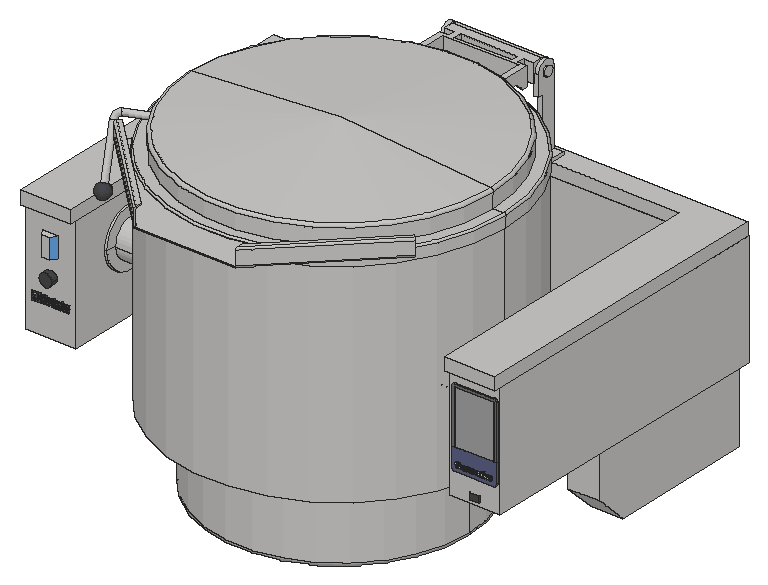
Revit family "QF_ELECTROLUXPROFESSIONAL_586883_PBOT40EWEO", category Attrezzature speciali, Revit 2020
Family settings
  Quota connettore circolare = Usa diametro
  Tipo di parte = Normale
  Basato su piano di lavoro = No
  Sempre verticale = Sì
  Taglio con vuoti quando caricato = No
  Condiviso = No
  Punto di calcolo locali = No
Parameters (values of type "Standard")
  Weight = 450.00 kg
  Watts = 48200 W
  Volts = 400 V
  URL Manufacturer = "https://www.electroluxprofessional.com/"
  URL = "https://www.electroluxprofessional.com/"
  Steam Supply Size = 0 mm
  Steam Supply Minimum Pressure = 0.0 Pa
  Steam Supply Maximum Pressure = 0.0 Pa
  Steam Consumption per Hour = 0
  Refrigeration Suction Line Size = 0.0 mm
  Refrigeration Liquid Line Size = 0.0 mm
  Refrigerant Compressor Remote = yes
  Prospetto di default = 0.0 mm
  Produttore = "Electrolux Professional"
  Phase = 3
  Modello = "PBOT40EWEO"
  Length Actual = 1500.0 mm  # constant formula
  Item Number = "586883"
  Hot Water Size = 12.7 mm
  Height Actual = 400.0 mm  # constant formula
  HP = "64.6 HP"
  Gas Size = 0 mm
  Gas KW = 0
  Gas Input Pressure = 0 W
  Direct Waste Size = 0 mm
  Descrizione = "ELECTRIC BOILING PAN,TILTING,400L,WALL,D1000"
  Depth Actual = 1000.0 mm  # constant formula
  Cycle = 50 Hz
  Condensate Return Size = 0 mm
  Compressed Air Volume = 0.0 L/s
  Compressed Air Size = 0 mm
  Compressed Air Pressure = 0.0 Pa
  Cold Water Size = 12.7 mm
  Accessory = yes
Reference planes
  plane 1 "Center (Front/Back)": y = 0
  plane 2: z = 0
  plane 3 "Center (Left/Right)": x = 0
  plane 4 "LEFT": x = -750
  plane 5 "RIGHT": x = 750
  plane 6 "BACK": y = 500
  plane 7 "FRONT": y = -500
  plane 8 "Base": z = 200
  plane 9 "TOP": z = 900
  plane 10: x = -590
  plane 11: x = 590
  plane 12 "Axe_PentolaY": y = -280
  plane 13 "AxePentolaZ": z = 730
  plane 14 "PLANE_TOP": z = 860
  plane 15: y = 430
  plane 16: x = -514
  plane 17 "PentolaH1": z = 1095
  plane 18 "PentolaH2": z = 425
  plane 19 "Pentola_H3": z = 155
  plane 20: x = -424
  plane 21: y = -788
  plane 22 "CentroPentolaY": y = -170
  plane 23 "TopCoperchio": z = 1226
  plane 24 "Versamento": z = 1127
  plane 25 "V1": through (-339.826, -609.082, 4000) normal (-0.7071, -0.7071, 0)
  plane 26 "V2": through (253.676, -695.231, 4000) normal (-0.7071, 0.7071, 0)
  plane 27 "Gfront": y = -1400
  plane 28 "LEVEL": through (-491.204, -243.032, 4000) normal (0.9191, 0.3941, 0)
  plane 29 "GRight": x = 250
  plane 30 "GLeft": x = -250
  plane 31: z = 2175
  plane 32 "Ribaltamento": y = -934
  plane 33: x = -670
  plane 34: x = 670
  plane 35 "AttaccoManiglia": z = 1155
  plane 36 "GBack": y = -200
  plane 37: through (0, -170, 4000) normal (0.3941, -0.9191, 0)
Forms (mm)
  Revolve 1, solid, material "QF_Finishes_Stainless Steel"
    sketch origin (0, 0, 730) x (-1, 0, 0) y (0, -1, 0)
      loop
        line (590, 280) -> (-590, 280) -> (-590, 190) -> (-580, 190) -> (-580, 222) -> (580, 222) -> (580, 190) -> (590, 190) -> (590, 280)
      axis (590, 280) -> (-590, 280)
    angle from 0 to 360
  Extrusion 2, solid, material "QF_Finishes_Stainless Steel"
    sketch origin (0, 0, 860) x (-1, 0, 0) y (0, -1, 0)
      loop
        line (750, 500) -> (590, 500) -> (590, -430) -> (-590, -430) -> (-590, 500) -> (-750, 500) -> (-750, -500) -> (750, -500) -> (750, 500)
    from 0 to 40
  Extrusion 3, solid, material "QF_Finishes_Stainless Steel"
    sketch origin (0, 0, 860) x (-1, 0, 0) y (0, -1, 0)
      loop
        line (590, -430) -> (-590, -430) -> (-590, -500) -> (590, -500) -> (590, -430)
    from 0 to -360
  Revolve 4, solid, material "QF_Finishes_Stainless Steel"
    sketch origin (0, -170, 0) x (-1, 0, 0) y (0, 0, 1)
      loop
        line (516, 1095) -> (0, 1095) -> (0, 155)
        arc (0, 155) -> (197.575, 160.932) -> (394.437, 178.708) r 3293
        arc (394.437, 178.708) -> (401.979, 182.661) -> (405, 190.622) r 12
        line (405, 190.622) -> (405, 425) -> (516, 425) -> (516, 1095)
      axis (0, 1095) -> (0, 155)
    angle from 0 to 360
  Revolve 5, solid, material "QF_Finishes_Stainless Steel"
    sketch origin (0, -170, 0) x (-1, 0, 0) y (0, 0, 1)
      loop
        line (520, 1095) -> (520, 1129)
        arc (520, 1129) -> (518.243, 1133.243) -> (514, 1135) r 6
        line (514, 1135) -> (480.235, 1135) -> (480.235, 1180.746)
        arc (480.235, 1180.746) -> (477.571, 1187.542) -> (471, 1190.717) r 10
        arc (471, 1190.717) -> (236.162, 1217.196) -> (0, 1226) r 3151.171
        line (0, 1226) -> (0, 1095) -> (520, 1095)
      axis (0, 1226) -> (0, 1095)
    angle from 0 to 360
  Extrusion 6, solid, material "QF_Finishes_Stainless Steel"
    sketch origin (0, 0, 900) x (0, 1, 0) y (-1, 0, 0)
      loop
        line (379.962, 120.148) -> (379.962, -120.148) -> (390.279, -120.148) -> (390.279, 120.148) -> (379.962, 120.148)
    from 218.833 to 273.042
  Extrusion 7, solid, material "QF_Finishes_Stainless Steel"
    sketch origin (0, 0, 900) x (0, 1, 0) y (-1, 0, 0)
      loop
        line (475, -185.804) -> (475, -155.804) -> (415, -155.804) -> (415, -185.804) -> (475, -185.804)
      loop
        line (475, 185.804) -> (415, 185.804) -> (415, 155.804) -> (475, 155.804) -> (475, 185.804)
    from 0 to 10
  Extrusion 8, solid, material "QF_Door-Drawer Clearances", detail levels coarse
    sketch origin (0, 0, 0) x (0, 1, 0) y (0, 0, 1)
      loop
        line (-788, 1133) -> (-788, 1177.507)
        arc (-788, 1177.507) -> (-930.24, 668.589) -> (-686, 200) r 718.591
        line (-686, 200) -> (-686, 1095) -> (-691.056, 1095) -> (-691.056, 1127) -> (-783.757, 1127)
        spline (-783.757, 1127) -> (-784.311, 1127.051) -> (-784.855, 1127.204) -> (-785.381, 1127.457) -> (-785.879, 1127.804) -> (-786.34, 1128.24) -> (-786.757, 1128.757) -> (-787.123, 1129.347) -> (-787.432, 1130) -> (-787.677, 1130.704) -> (-787.855, 1131.447) -> (-787.964, 1132.217) -> (-788, 1133)
    from -100 to 100
  Extrusion 9, solid, material "QF_Door-Drawer Clearances", detail levels coarse
    sketch origin (0, 0, 0) x (0, 1, 0) y (0, 0, 1)
      loop
        arc (445, 1172.982) -> (453.362, 1171.793) -> (461.062, 1168.32) r 30
        line (461.062, 1168.32) -> (451.116, 1194.228) -> (464.659, 1199.427) -> (430, 1289.718) -> (447.304, 1296.36) -> (430, 1341.439)
        arc (430, 1341.439) -> (319.731, 1759.703) -> (121.804, 2144.318) r 1992.677
        line (121.804, 2144.318) -> (110.026, 2175) -> (72.683, 2160.665)
        arc (72.683, 2160.665) -> (-497.12, 1801.155) -> (-765.088, 1183) r 1141.961
        line (-765.088, 1183) -> (-650.088, 1183) -> (-636.722, 1190.717)
        arc (-636.722, 1190.717) -> (-169.726, 1226.148) -> (297.269, 1190.717) r 3095.314
        line (297.269, 1190.717) -> (309.459, 1183.042) -> (309.459, 1173.042) -> (445, 1173.042)
    from -100 to 100
  Sweep 10, solid, material "QF_Finishes_Stainless Steel"
    path origin (-110.499, 59.858, 1127) x (0.998928, 0.046293, 0) y (0.046293, -0.998928, 0)
      loop
        line (-72.8, 863.053) -> (-389.399, 515.684)
    profile origin (-309.438, -639.469, 1127) x (-0.707107, -0.707107, 0) y (0, 0, 1)
      loop
        line (0, 6) -> (0, 50)
        arc (0, 50) -> (-1.757, 54.243) -> (-6, 56) r 6
        line (-6, 56) -> (-19, 56) -> (-19, 53) -> (-6, 53)
        arc (-6, 53) -> (-3.879, 52.121) -> (-3, 50) r 3
        line (-3, 50) -> (-3, 6)
        arc (-3, 6) -> (-3.879, 3.879) -> (-6, 3) r 3
        line (-6, 3) -> (-19, 3) -> (-19, 0) -> (-6, 0)
        arc (-6, 0) -> (-1.757, 1.757) -> (0, 6) r 6
  Extrusion 11, void
    sketch origin (0, 0, 1127) x (-1, 0, 0) y (0, -1, 0)
      loop
        line (160.93, 758) -> (160.93, 808.616) -> (-160.907, 808.616) -> (-160.907, 758) -> (160.93, 758)
    from -5.969 to 56
  Extrusion 12, solid, material "QF_Finishes_Stainless Steel"
    sketch origin (0, 0, 1127) x (-1, 0, 0) y (0, -1, 0)
      loop
        line (160.93, 788) -> (-160.93, 788) -> (-160.93, 779.493) -> (-471.327, 469.095) -> (-443.585, 441.353)
        arc (-443.585, 441.353) -> (0.028, 690) -> (443.614, 441.305) r 520
        line (443.614, 441.305) -> (471.366, 469.056) -> (160.93, 779.493) -> (160.93, 788)
    from 0 to 3
  Sweep 13, solid, material "QF_Finishes_Stainless Steel"
    path origin (110.499, 59.858, 1127) x (-0.998928, 0.046293, 0) y (-0.046293, -0.998928, 0)
      loop
        line (-72.8, 863.053) -> (-389.399, 515.684)
    profile origin (309.438, -639.469, 1127) x (-0.707107, 0.707107, 0) y (0, 0, 1)
      loop
        arc (0, 6) -> (1.757, 1.757) -> (6, 0) r 6
        line (6, 0) -> (19, 0) -> (19, 3) -> (6, 3)
        arc (6, 3) -> (3.879, 3.879) -> (3, 6) r 3
        line (3, 6) -> (3, 50)
        arc (3, 50) -> (3.879, 52.121) -> (6, 53) r 3
        line (6, 53) -> (19, 53) -> (19, 56) -> (6, 56)
        arc (6, 56) -> (1.757, 54.243) -> (0, 50) r 6
        line (0, 50) -> (0, 6)
  Extrusion 14, solid, material "QF_Finishes_Stainless Steel"
    sketch origin (-121.789, 93.598, 900) x (0, 1, 0) y (-1, 0, 0)
      loop
        line (296.681, -13.001) -> (296.681, -30.001) -> (336.402, -30.001) -> (336.402, -13.001) -> (296.681, -13.001)
      loop
        line (296.681, -230.578) -> (336.402, -230.578) -> (336.402, -213.578) -> (296.681, -213.578) -> (296.681, -230.578)
    from 218.833 to 273.042
  Extrusion 15, solid, material "QF_Finishes_Stainless Steel"
    sketch origin (0, 0, 0) x (0, 1, 0) y (0, 0, 1)
      loop
        line (290.279, 1173.042) -> (290.279, 1135) -> (353.321, 1135) -> (375.321, 1113) -> (390.279, 1113) -> (390.279, 1173.042) -> (290.279, 1173.042)
    from -120.148 to -136.999
  Extrusion 16, solid, material "QF_Finishes_Stainless Steel"
    sketch origin (0, 0, 0) x (0, 1, 0) y (0, 0, -1)
      loop
        line (290.279, -1173.042) -> (390.279, -1173.042) -> (390.279, -1113.042) -> (375.279, -1113.042) -> (353.321, -1135) -> (290.279, -1135) -> (290.279, -1173.042)
    from -120.148 to -136.999
  Extrusion 17, solid, material "QF_Finishes_Stainless Steel"
    sketch origin (0, 0, 0) x (0, 1, 0) y (0, 0, -1)
      loop
        line (430, -1080) -> (415, -1080) -> (415, -1143)
        arc (415, -1143) -> (445, -1173) -> (475, -1143) r 30
        line (475, -1143) -> (475, -900) -> (430, -900) -> (430, -1080)
      loop
        circle (445, -1143) r 15
    from -141.78 to -155.804
  Extrusion 18, solid, material "QF_Finishes_Stainless Steel"
    sketch origin (0, 0, 0) x (0, 1, 0) y (0, 0, 1)
      loop
        line (430, 1082.982) -> (430, 900) -> (475, 900) -> (475, 1142.982)
        arc (475, 1142.982) -> (445, 1172.982) -> (415, 1142.982) r 30
        line (415, 1142.982) -> (415, 1082.982) -> (430, 1082.982)
      loop
        circle (445, 1142.982) r 15
    from -141.78 to -155.804
  Extrusion 19, solid, material "QF_Finishes_Stainless Steel"
    sketch origin (0, 0, 3) x (0, 1, 0) y (0, 0, 1)
      loop
        arc (445, 1110) -> (475, 1140) -> (445, 1170) r 30
        line (445, 1170) -> (415, 1170) -> (415, 1110) -> (445, 1110)
    from -141.78 to 141.78
  Extrusion 20, solid, material "QF_Finishes_Stainless Steel"
    sketch origin (0, 0, 0) x (0, 1, 0) y (0, 0, 1)
      loop
        circle (445, 1143) r 15
    from -163 to 163
Cuts and joins
  Extrusion 11 cuts Sweep 10
  joined: Sweep 10, Extrusion 12
  Extrusion 11 cuts Sweep 13
  joined: Extrusion 6, Extrusion 14, Extrusion 15, Extrusion 16, Extrusion 19, Extrusion 20
Lines and regions (mm)
  symbolic lines
    curve 1: line (750, 500, 900) -> (-750, 500, 900)
    curve 2: line (750, -500, 900) -> (750, 500, 900)
    curve 3: line (-750, 500, 900) -> (-750, -500, 900)
    curve 4: line (-750, -500, 900) -> (-590, -500, 900)
    curve 5: line (-590, -500, 900) -> (-590, 430, 900)
    curve 6: line (590, 430, 900) -> (590, -500, 900)
    curve 7: line (590, -500, 900) -> (750, -500, 900)
    curve 8: line (-580, -190, 900) -> (-580, -370, 900)
    curve 9: line (-580, -190, 900) -> (-590, -190, 900)
    curve 10: line (-580, -370, 900) -> (-590, -370, 900)
    curve 11: line (580, -190, 900) -> (590, -190, 900)
    curve 12: line (580, -370, 900) -> (590, -370, 900)
    curve 17: line (-590, 430, 900) -> (-185.804, 430, 900)
    curve 18: line (590, 430, 900) -> (185.804, 430, 900)
    curve 19: line (-580, -222, 900) -> (-516.115, -222, 900)
    curve 20: line (-580, -338, 900) -> (-487.949, -338, 900)
    curve 21: line (580, -222, 900) -> (516.676, -222, 900)
    curve 41: line (580, -338, 900) -> (489.209, -338, 900)
    curve 43: line (580, -370, 1127) -> (580, -190, 1127)
    curve 44: arc (-480.235, -170, 1127) -> (0, -650.235, 1127) -> (480.235, -170, 1127) r 480.235
    curve 45: circle (0, -170, 1127) r 405 normal (0, 0, 1)
    curve 46: circle (0, -170, 1127) r 480.235 normal (0, 0, 1)
    curve 47: arc (-474.688, -382.299, 1127) -> (394.882, -508.332, 1127) -> (136.999, 331.629, 1127) r 520
    curve 48: line (475.57, -473.337, 1127) -> (443.585, -441.353, 1127)
    curve 49: line (-443.614, -441.305, 1127) -> (-475.608, -473.299, 1127)
    curve 50: line (-160.93, -787.978, 1127) -> (-475.608, -473.299, 1127)
    curve 51: line (160.907, -788, 1127) -> (475.57, -473.337, 1127)
    curve 52: line (462.135, -459.902, 1127) -> (160.907, -761.13, 1127)
    curve 53: line (-160.93, -761.108, 1127) -> (-462.173, -459.864, 1127)
    curve 54: line (-160.93, -761.108, 1127) -> (-160.93, -787.978, 1127)
    curve 55: line (160.907, -788, 1127) -> (160.907, -761.13, 1127)
    curve 56: line (-185.804, 475, 1127) -> (185.804, 475, 1127)
    curve 57: line (185.804, 475, 1127) -> (185.804, 415, 1127)
    curve 58: line (185.804, 415, 1127) -> (-185.804, 415, 1127)
    curve 59: line (-185.804, 415, 1127) -> (-185.804, 475, 1127)
    curve 60: line (-155.804, 475, 1127) -> (-155.804, 415, 1127)
    curve 61: line (-141.78, 415, 1127) -> (-141.78, 475, 1127)
    curve 62: line (141.78, 415, 1127) -> (141.78, 475, 1127)
    curve 63: line (155.804, 475, 1127) -> (155.804, 415, 1127)
    curve 64: line (163, 460, 1127) -> (163, 430, 1127)
    curve 65: line (163, 430, 1127) -> (155.804, 430, 1127)
    curve 66: line (163, 460, 1127) -> (155.804, 460, 1127)
    curve 67: line (-155.804, 460, 1127) -> (-163, 460, 1127)
    curve 68: line (-163, 460, 1127) -> (-163, 430, 1127)
    curve 69: line (-163, 430, 1127) -> (-155.804, 430, 1127)
    curve 70: line (-108.789, 390.279, 1127) -> (-108.789, 415, 1127)
    curve 71: line (91.789, 390.279, 1127) -> (91.789, 415, 1127)
    curve 72: line (108.789, 390.279, 1127) -> (108.789, 415, 1127)
    curve 73: line (-91.789, 390.279, 1127) -> (-91.789, 415, 1127)
    curve 74: line (-91.789, 390.279, 1127) -> (91.789, 390.279, 1127)
    curve 75: line (108.789, 390.279, 1127) -> (136.999, 390.279, 1127)
    curve 76: line (136.999, 390.279, 1127) -> (136.999, 290.279, 1127)
    curve 77: line (-120.148, 379.962, 1127) -> (120.148, 379.962, 1127)
    curve 78: line (120.148, 379.962, 1127) -> (120.148, 294.962, 1127)
    curve 79: line (-120.148, 379.962, 1127) -> (-120.148, 294.962, 1127)
    curve 80: line (-136.999, 390.279, 1127) -> (-136.999, 290.279, 1127)
    curve 81: arc (-136.999, 331.629, 1127) -> (-466.164, 60.415, 1127) -> (-481.726, -365.806, 1127) r 520
    curve 82: arc (120.148, 335.929, 1127) -> (0, 350, 1127) -> (-120.148, 335.929, 1127) r 520
    curve 83: line (-136.999, 390.279, 1127) -> (-108.789, 390.279, 1127)
  symbolic lines, style "SpecialityEquipmentHiddenLines"
    curve 13: line (-250, -1400, 900) -> (250, -1400, 900)
    curve 14: line (-250, -200, 900) -> (-250, -1400, 900)
    curve 15: line (250, -1400, 900) -> (250, -200, 900)
    curve 38: line (0, -1265.484, 900) -> (0, -1235.484, 900)
    curve 39: line (-15, -1250.484, 900) -> (15, -1250.484, 900)
    curve 42: line (250, -200, 1127) -> (-250, -200, 1127)
  symbolic lines, style "SpecialityEquipment"
    curve 16: circle (0, -1250.484, 900) r 15 normal (0, 0, 1)
    curve 22: line (210, -1400, 900) -> (210, -1200, 900)
    curve 23: line (170, -1400, 900) -> (170, -1240, 900)
    curve 24: line (130, -1400, 900) -> (130, -1280, 900)
    curve 25: line (90, -1400, 900) -> (90, -1320, 900)
    curve 26: line (90, -1360, 900) -> (250, -1360, 900)
    curve 27: line (130, -1320, 900) -> (250, -1320, 900)
    curve 28: line (170, -1280, 900) -> (250, -1280, 900)
    curve 29: line (210, -1240, 900) -> (250, -1240, 900)
    curve 30: line (-210, -1400, 900) -> (-210, -1200, 900)
    curve 31: line (-170, -1400, 900) -> (-170, -1240, 900)
    curve 32: line (-130, -1400, 900) -> (-130, -1280, 900)
    curve 33: line (-90, -1400, 900) -> (-90, -1320, 900)
    curve 34: line (-90, -1360, 900) -> (-250, -1360, 900)
    curve 35: line (-130, -1320, 900) -> (-250, -1320, 900)
    curve 36: line (-170, -1280, 900) -> (-250, -1280, 900)
    curve 37: line (-210, -1240, 900) -> (-250, -1240, 900)
    curve 40: line (-160.93, -788, 900) -> (160.907, -788, 900)
Dimensions and locks
  plane 4 "LEFT" to plane 5 "RIGHT" = 1500.0 mm
  equal spacing: plane 4 "LEFT", plane 3 "Center (Left/Right)", plane 5 "RIGHT"
  equal spacing: plane 6 "BACK", plane 1 "Center (Front/Back)", plane 7 "FRONT"
  plane 6 "BACK" to plane 7 "FRONT" = 1000.0 mm
  plane 8 "Base" to level = 200.0 mm
  plane 9 "TOP" to level = 900.0 mm
  plane 9 "TOP" to plane 8 "Base" = 700.0 mm
  locked: plane 4 "LEFT" to plane 10 at 160
  locked: plane 11 to plane 5 "RIGHT" at 160
  locked: plane 6 "BACK" to plane 12 "Axe_PentolaY" at 780
  locked: plane 13 "AxePentolaZ" to plane 8 "Base" at 530
  locked: Revolve 1 sketch curve to Revolve 1 sketch curve at 58
  locked: Revolve 1 sketch curve to Revolve 1 sketch curve at 90
  locked: plane 10 to Revolve 1 sketch curve at 10
  locked: Revolve 1 sketch curve to plane 11 at 10
  locked: plane 9 "TOP" to plane 14 "PLANE_TOP" at 40
  plane 6 "BACK" to plane 15 = 70.0 mm
  locked: plane 17 "PentolaH1" to plane 13 "AxePentolaZ" at 365
  locked: plane 13 "AxePentolaZ" to plane 18 "PentolaH2" at 305
  locked: plane 18 "PentolaH2" to plane 19 "Pentola_H3" at 270
  locked: plane 3 "Center (Left/Right)" to plane 16 at 514
  locked: plane 3 "Center (Left/Right)" to plane 20 at 424
  Revolve 5 sketch curve to plane 17 "PentolaH1" = 40.0 mm
  plane 6 "BACK" to plane 21 = 1288.0 mm
  locked: plane 6 "BACK" to plane 22 "CentroPentolaY" at 670
  locked: plane 23 "TopCoperchio" to plane 9 "TOP" at 326
  locked: plane 24 "Versamento" to level at 1127
  plane 6 "BACK" to plane 27 "Gfront" = 1900.0 mm
  locked: plane 30 "GLeft" to plane 3 "Center (Left/Right)" at 250
  locked: plane 3 "Center (Left/Right)" to plane 29 "GRight" at 250
  plane 31 to plane 9 "TOP" = 1275.0 mm
  plane 6 "BACK" to plane 32 "Ribaltamento" = 1434.0 mm
  equal spacing: plane 10, plane 33, plane 4 "LEFT"
  equal spacing: plane 5 "RIGHT", plane 34, plane 11
  locked: plane 35 "AttaccoManiglia" to level at 1155
  plane 6 "BACK" to plane 36 "GBack" = 700.0 mm
  aligned and locked: level to plane 2
  aligned and locked: plane 4 "LEFT" to nested 1
  aligned and locked: plane 6 "BACK" to nested 2
  aligned and locked: plane 6 "BACK" to nested 1
  aligned and locked: plane 10 to Revolve 1 sketch curve
  aligned and locked: plane 11 to Revolve 1 sketch curve
  aligned and locked: plane 4 "LEFT" to Extrusion 2 sketch curve
  aligned and locked: Extrusion 2 sketch curve to plane 10
  aligned and locked: plane 7 "FRONT" to Extrusion 2 sketch curve  (x2)
  aligned and locked: Extrusion 2 sketch curve to plane 5 "RIGHT"
  aligned and locked: plane 11 to Extrusion 2 sketch curve
  aligned and locked: Extrusion 2 sketch curve to plane 6 "BACK"
  aligned and locked: plane 15 to Extrusion 2 sketch curve
  aligned and locked: Extrusion 3 sketch curve to plane 10
  aligned and locked: plane 6 "BACK" to Extrusion 3 sketch curve
  aligned and locked: plane 11 to Extrusion 3 sketch curve
  aligned and locked: Extrusion 3 sketch curve to plane 15
  aligned and locked: plane 3 "Center (Left/Right)" to Revolve 4 sketch curve
  aligned and locked: curve 13 to plane 27 "Gfront"
  aligned and locked: curve 14 to plane 30 "GLeft"
  aligned and locked: plane 29 "GRight" to curve 15
  aligned and locked: plane 36 "GBack" to curve 42
  aligned and locked: Revolve 4 sketch curve to plane 18 "PentolaH2"
  aligned and locked: Revolve 4 sketch curve to plane 17 "PentolaH1"
Automatic sketch dimensions
  plane 12 "Axe_PentolaY" to Revolve 1 sketch curve = 0.0 mm
  Revolve 1 sketch curve to plane 12 "Axe_PentolaY" = 0.0 mm
  plane 36 "GBack" to Revolve 1 sketch curve = 10.0 mm
  plane 5 "RIGHT" to Revolve 1 sketch curve = 432.098 mm
  Revolve 1 sketch curve to plane 4 "LEFT" = 580.148 mm
  Revolve 4 sketch curve to plane 3 "Center (Left/Right)" = 0.0 mm
  Revolve 4 sketch curve to plane 19 "Pentola_H3" = 0.0 mm
  Revolve 4 sketch curve to plane 8 "Base" = 9.378 mm
  plane 20 to Revolve 4 sketch curve = 31.0 mm
  plane 20 to Revolve 4 sketch curve = 19.0 mm
  Revolve 4 sketch curve to plane 16 = 2.0 mm
  plane 31 to Revolve 4 sketch curve = 1273.0 mm
  level to Revolve 4 sketch curve = 60.0 mm
  plane 23 "TopCoperchio" to Revolve 4 sketch curve = 4.0 mm
  Revolve 5 sketch curve to plane 3 "Center (Left/Right)" = 0.0 mm  (x2)
  Revolve 5 sketch curve to plane 16 = 0.0 mm
  Revolve 5 sketch curve to plane 17 "PentolaH1" = 0.0 mm
  Revolve 5 sketch curve to plane 23 "TopCoperchio" = 0.0 mm
  Revolve 5 sketch curve to plane 3 "Center (Left/Right)" = 0.765 mm
  plane 16 to Revolve 5 sketch curve = 43.765 mm
  Revolve 5 sketch curve to Revolve 5 sketch curve = 10.0 mm
  Revolve 5 sketch curve to plane 16 = 6.0 mm
  Revolve 5 sketch curve to level = 1925.171 mm
  Revolve 5 sketch curve to Revolve 5 sketch curve = 45.746 mm
  Revolve 5 sketch curve to plane 18 "PentolaH2" = 90.0 mm
  Revolve 5 sketch curve to Revolve 5 sketch curve = 24.0 mm
  Extrusion 6 sketch curve to plane 15 = 50.038 mm
  Extrusion 6 sketch curve to Extrusion 6 sketch curve = 10.317 mm
  plane 3 "Center (Left/Right)" to Extrusion 6 sketch curve = 120.148 mm
  Extrusion 6 sketch curve to plane 3 "Center (Left/Right)" = 120.148 mm
  Extrusion 7 sketch curve to plane 15 = 15.0 mm  (x2)
  Extrusion 7 sketch curve to plane 6 "BACK" = 25.0 mm  (x2)
  Extrusion 7 sketch curve to plane 29 "GRight" = 64.196 mm
  Extrusion 7 sketch curve to Extrusion 7 sketch curve = 30.0 mm  (x2)
  plane 30 "GLeft" to Extrusion 7 sketch curve = 94.196 mm
  Extrusion 8 sketch curve to plane 21 = 0.0 mm
  Extrusion 8 sketch curve to plane 24 "Versamento" = 0.0 mm
  Extrusion 8 sketch curve to plane 17 "PentolaH1" = 0.0 mm
  Extrusion 8 sketch curve to plane 8 "Base" = 0.0 mm
  plane 21 to Extrusion 8 sketch curve = 4.243 mm
  plane 21 to Extrusion 8 sketch curve = 96.944 mm
  plane 21 to Extrusion 8 sketch curve = 102.0 mm
  Extrusion 8 sketch curve to plane 36 "GBack" = 15.53 mm
  plane 13 "AxePentolaZ" to Extrusion 8 sketch curve = 13.167 mm
  plane 24 "Versamento" to Extrusion 8 sketch curve = 6.0 mm
  plane 25 "V1" to Sweep 10 sketch curve = 0.0 mm  (x2)
  Sweep 10 sketch curve to plane 7 "FRONT" = 26.701 mm
  Sweep 10 sketch curve to Sweep 10 sketch curve = 316.599 mm
  Sweep 10 sketch curve to Sweep 10 sketch curve = 0.0 mm  (x4)
  plane 24 "Versamento" to Sweep 10 sketch curve = 0.0 mm
  Sweep 10 sketch curve to profile plane = 0.0 mm
  profile plane to Sweep 10 sketch curve = 3.0 mm
  Sweep 10 sketch curve to Sweep 10 sketch curve = 3.0 mm  (x2)
  Sweep 10 sketch curve to Sweep 10 sketch curve = 13.0 mm  (x2)
  Sweep 10 sketch curve to Sweep 10 sketch curve = 44.0 mm
  plane 21 to Extrusion 11 sketch curve = 30.0 mm
  Extrusion 11 sketch curve to plane 29 "GRight" = 89.093 mm
  Extrusion 11 sketch curve to plane 21 = 20.616 mm
  plane 30 "GLeft" to Extrusion 11 sketch curve = 89.07 mm
  Extrusion 12 sketch curve to plane 21 = 0.0 mm
  Extrusion 12 sketch curve to plane 3 "Center (Left/Right)" = 0.0 mm
  Extrusion 12 sketch curve to plane 22 "CentroPentolaY" = 0.0 mm
  plane 21 to Extrusion 12 sketch curve = 8.507 mm
  Extrusion 12 sketch curve to plane 29 "GRight" = 89.07 mm
  plane 7 "FRONT" to Extrusion 12 sketch curve = 58.647 mm
  Extrusion 12 sketch curve to plane 11 = 146.415 mm
  plane 7 "FRONT" to Extrusion 12 sketch curve = 30.905 mm
  plane 30 "GLeft" to Extrusion 12 sketch curve = 89.07 mm
  Extrusion 12 sketch curve to plane 20 = 19.614 mm
  plane 7 "FRONT" to Extrusion 12 sketch curve = 30.944 mm
  Extrusion 12 sketch curve to Extrusion 12 sketch curve = 27.751 mm
  plane 26 "V2" to Sweep 13 sketch curve = 0.0 mm
  Sweep 13 sketch curve to plane 26 "V2" = 0.0 mm
  plane 7 "FRONT" to Sweep 13 sketch curve = 26.701 mm
  Sweep 13 sketch curve to Sweep 13 sketch curve = 316.599 mm
  Sweep 13 sketch curve to Sweep 13 sketch curve = 0.0 mm  (x4)
  Sweep 13 sketch curve to profile plane = 0.0 mm
  plane 24 "Versamento" to Sweep 13 sketch curve = 0.0 mm
  Sweep 13 sketch curve to Sweep 13 sketch curve = 3.0 mm  (x2)
  Sweep 13 sketch curve to profile plane = 6.0 mm
  Sweep 13 sketch curve to Sweep 13 sketch curve = 13.0 mm  (x2)
  Sweep 13 sketch curve to Sweep 13 sketch curve = 44.0 mm
  Extrusion 14 sketch curve to plane 15 = 0.0 mm  (x2)
  Extrusion 14 sketch curve to plane 15 = 39.721 mm  (x2)
  plane 3 "Center (Left/Right)" to Extrusion 14 sketch curve = 108.789 mm
  Extrusion 14 sketch curve to Extrusion 14 sketch curve = 17.0 mm  (x2)
  Extrusion 14 sketch curve to plane 3 "Center (Left/Right)" = 91.789 mm
  plane 35 "AttaccoManiglia" to Extrusion 16 sketch curve = 18.042 mm
  Extrusion 16 sketch curve to plane 15 = 139.721 mm
  plane 24 "Versamento" to Extrusion 16 sketch curve = 8.0 mm
  Extrusion 16 sketch curve to Extrusion 16 sketch curve = 63.042 mm
  Extrusion 16 sketch curve to plane 24 "Versamento" = 13.958 mm
  Extrusion 16 sketch curve to Extrusion 16 sketch curve = 21.958 mm
  Extrusion 16 sketch curve to plane 15 = 39.721 mm
  Extrusion 17 sketch curve to Extrusion 17 sketch curve = 0.0 mm  (x2)
  Extrusion 17 sketch curve to plane 9 "TOP" = 0.0 mm
  Extrusion 17 sketch curve to plane 15 = 0.0 mm
  Extrusion 17 sketch curve to plane 15 = 15.0 mm
  plane 15 to Extrusion 17 sketch curve = 15.0 mm
  Extrusion 17 sketch curve to plane 17 "PentolaH1" = 15.0 mm
  plane 24 "Versamento" to Extrusion 17 sketch curve = 16.0 mm
  Extrusion 18 sketch curve to Extrusion 18 sketch curve = 0.0 mm  (x2)
  Extrusion 18 sketch curve to plane 9 "TOP" = 0.0 mm
  Extrusion 18 sketch curve to plane 15 = 0.0 mm
  Extrusion 18 sketch curve to plane 15 = 15.0 mm
  plane 15 to Extrusion 18 sketch curve = 15.0 mm
  Extrusion 18 sketch curve to plane 17 "PentolaH1" = 12.018 mm
  plane 24 "Versamento" to Extrusion 18 sketch curve = 15.982 mm
  Extrusion 19 sketch curve to plane 15 = 15.0 mm
  plane 24 "Versamento" to Extrusion 19 sketch curve = 16.0 mm
  plane 15 to Extrusion 19 sketch curve = 15.0 mm
  plane 17 "PentolaH1" to Extrusion 19 sketch curve = 18.0 mm
  plane 35 "AttaccoManiglia" to Extrusion 15 sketch curve = 18.042 mm
  Extrusion 15 sketch curve to plane 15 = 139.721 mm
  plane 24 "Versamento" to Extrusion 15 sketch curve = 8.0 mm
  Extrusion 15 sketch curve to Extrusion 15 sketch curve = 63.042 mm
  Extrusion 15 sketch curve to plane 15 = 39.721 mm
  Extrusion 15 sketch curve to Extrusion 15 sketch curve = 14.958 mm
  Extrusion 15 sketch curve to plane 24 "Versamento" = 14.0 mm
  Extrusion 9 sketch curve to plane 31 = 0.0 mm
  Extrusion 9 sketch curve to plane 15 = 0.0 mm  (x2)
  Extrusion 9 sketch curve to plane 15 = 59.979 mm
  plane 35 "AttaccoManiglia" to Extrusion 9 sketch curve = 28.042 mm
  Extrusion 9 sketch curve to plane 15 = 120.541 mm
  Extrusion 9 sketch curve to plane 23 "TopCoperchio" = 35.283 mm  (x2)
  Extrusion 9 sketch curve to Extrusion 9 sketch curve = 12.19 mm
  Extrusion 9 sketch curve to plane 31 = 30.682 mm
  Extrusion 9 sketch curve to plane 1 "Center (Front/Back)" = 121.804 mm
  Extrusion 9 sketch curve to Extrusion 9 sketch curve = 11.778 mm
  Extrusion 9 sketch curve to plane 31 = 14.335 mm
  plane 22 "CentroPentolaY" to Extrusion 9 sketch curve = 0.274 mm
  plane 35 "AttaccoManiglia" to Extrusion 9 sketch curve = 28.0 mm
  Extrusion 9 sketch curve to Extrusion 9 sketch curve = 13.366 mm
  plane 21 to Extrusion 9 sketch curve = 22.912 mm
  Extrusion 9 sketch curve to plane 17 "PentolaH1" = 49.409 mm
  Extrusion 9 sketch curve to plane 27 "Gfront" = 140.593 mm
  plane 15 to Extrusion 9 sketch curve = 17.304 mm
  plane 15 to Extrusion 9 sketch curve = 21.116 mm
  plane 35 "AttaccoManiglia" to Extrusion 9 sketch curve = 13.32 mm
  Extrusion 9 sketch curve to Extrusion 9 sketch curve = 9.945 mm
  Extrusion 9 sketch curve to plane 23 "TopCoperchio" = 26.573 mm
  Extrusion 9 sketch curve to level = 1869.166 mm
  Extrusion 9 sketch curve to plane 35 "AttaccoManiglia" = 12.018 mm
  Extrusion 9 sketch curve to Extrusion 9 sketch curve = 10.0 mm
  plane 15 to Extrusion 9 sketch curve = 15.0 mm
  Extrusion 9 sketch curve to Extrusion 9 sketch curve = 0.0 mm
  plane 15 to Extrusion 20 sketch curve = 15.0 mm
  Extrusion 20 sketch curve to plane 35 "AttaccoManiglia" = 12.0 mm
  curve 44 to curve 45 = 0.0 mm
  curve 44 to curve 46 = 0.0 mm  (x2)
  curve 44 to curve 47 = 0.0 mm  (x2)
  curve 44 to curve 81 = 0.0 mm  (x2)
  curve 44 to curve 82 = 0.0 mm
  curve 45 to curve 81 = 0.0 mm
  curve 45 to curve 82 = 0.0 mm
  curve 44 to plane 22 "CentroPentolaY" = 0.0 mm
  plane 26 "V2" to curve 51 = 0.0 mm
  curve 42 to plane 29 "GRight" = 0.0 mm
  curve 64 to plane 15 = 0.0 mm
  curve 51 to plane 21 = 0.0 mm
  curve 51 to plane 26 "V2" = 0.0 mm
  curve 44 to plane 3 "Center (Left/Right)" = 0.0 mm
  curve 69 to plane 15 = 0.0 mm
  plane 25 "V1" to curve 50 = 0.0 mm
  curve 42 to plane 30 "GLeft" = 0.0 mm
  plane 25 "V1" to curve 49 = 0.0 mm
  plane 7 "FRONT" to curve 48 = 26.663 mm
  curve 57 to plane 15 = 15.0 mm
  curve 57 to plane 29 "GRight" = 64.196 mm
  curve 57 to curve 64 = 22.804 mm
  curve 64 to curve 76 = 26.001 mm
  curve 75 to curve 78 = 16.851 mm
  curve 77 to curve 72 = 11.36 mm
  curve 72 to curve 71 = 17.0 mm
  curve 74 to plane 15 = 39.721 mm
  curve 74 to plane 3 "Center (Left/Right)" = 91.789 mm
  curve 73 to curve 77 = 28.36 mm
  plane 21 to curve 50 = 0.022 mm
  plane 15 to curve 67 = 30.0 mm
  curve 73 to curve 67 = 71.211 mm
  curve 68 to curve 58 = 22.804 mm
  plane 7 "FRONT" to curve 49 = 26.701 mm
  curve 66 to curve 64 = 30.0 mm
  curve 56 to plane 6 "BACK" = 25.0 mm
  curve 71 to curve 75 = 0.0 mm
  curve 73 to curve 77 = 10.317 mm
  curve 53 to curve 50 = 26.87 mm
  curve 52 to curve 51 = 26.87 mm
  plane 7 "FRONT" to curve 48 = 58.647 mm
  curve 44 to plane 11 = 109.765 mm
  curve 43 to plane 11 = 10.0 mm
  curve 64 to curve 66 = 7.196 mm
  curve 63 to curve 62 = 14.024 mm
  curve 70 to curve 77 = 11.36 mm
  curve 77 to curve 83 = 16.851 mm
  curve 83 to curve 61 = 4.781 mm
  curve 61 to curve 60 = 14.024 mm
  plane 16 to curve 47 = 39.312 mm
  curve 47 to curve 81 = 7.038 mm
  curve 70 to curve 77 = 10.317 mm
  curve 82 to curve 47 = 4.301 mm
  curve 82 to curve 81 = 4.301 mm
  curve 47 to curve 78 = 36.666 mm
  plane 36 "GBack" to curve 43 = 10.0 mm
  curve 43 to plane 12 "Axe_PentolaY" = 90.0 mm
  curve 38 to plane 3 "Center (Left/Right)" = 0.0 mm
  curve 16 to plane 3 "Center (Left/Right)" = 0.0 mm
  curve 40 to plane 21 = 0.0 mm
  curve 2 to plane 5 "RIGHT" = 0.0 mm
  curve 2 to plane 7 "FRONT" = 0.0 mm
  curve 4 to plane 7 "FRONT" = 0.0 mm
  curve 10 to plane 10 = 0.0 mm
  curve 12 to plane 11 = 0.0 mm
  curve 15 to plane 36 "GBack" = 0.0 mm
  curve 14 to plane 36 "GBack" = 0.0 mm
  curve 18 to plane 15 = 0.0 mm
  curve 17 to plane 15 = 0.0 mm
  curve 2 to plane 6 "BACK" = 0.0 mm
  curve 40 to plane 26 "V2" = 0.0 mm
  curve 3 to plane 4 "LEFT" = 0.0 mm
  plane 27 "Gfront" to curve 16 = 149.516 mm
  plane 10 to curve 10 = 10.0 mm
  curve 10 to plane 12 "Axe_PentolaY" = 90.0 mm
  plane 36 "GBack" to curve 9 = 10.0 mm
  curve 25 to curve 26 = 40.0 mm
  curve 33 to curve 34 = 40.0 mm
  curve 34 to curve 35 = 40.0 mm
  curve 26 to curve 25 = 40.0 mm
  curve 26 to curve 27 = 40.0 mm
  curve 35 to curve 33 = 0.0 mm
  curve 27 to curve 28 = 40.0 mm
  curve 35 to curve 32 = 40.0 mm
  curve 36 to curve 32 = 0.0 mm
  curve 24 to curve 28 = 0.0 mm
  curve 38 to curve 16 = 15.0 mm
  curve 16 to curve 39 = 0.0 mm
  curve 28 to curve 29 = 40.0 mm
  curve 36 to curve 37 = 40.0 mm
  curve 37 to curve 31 = 0.0 mm
  curve 23 to curve 29 = 0.0 mm
  curve 37 to curve 30 = 40.0 mm
  curve 29 to curve 22 = 40.0 mm
  curve 12 to plane 11 = 10.0 mm
  curve 12 to plane 12 "Axe_PentolaY" = 90.0 mm
  curve 41 to plane 12 "Axe_PentolaY" = 58.0 mm
  curve 8 to curve 20 = 32.0 mm
  curve 19 to plane 16 = 2.115 mm
  curve 19 to plane 36 "GBack" = 22.0 mm
  curve 21 to plane 36 "GBack" = 22.0 mm
  plane 36 "GBack" to curve 11 = 10.0 mm
  curve 21 to plane 11 = 10.0 mm
  curve 11 to plane 11 = 10.0 mm
  curve 41 to plane 11 = 10.0 mm
  curve 21 to curve 21 = 63.324 mm
  curve 41 to curve 41 = 90.791 mm
  curve 22 to plane 29 "GRight" = 40.0 mm
  curve 18 to plane 29 "GRight" = 64.196 mm
  curve 22 to curve 23 = 40.0 mm
  curve 23 to curve 24 = 40.0 mm
  curve 24 to curve 26 = 40.0 mm
  curve 33 to plane 3 "Center (Left/Right)" = 90.0 mm
  curve 33 to curve 32 = 40.0 mm
  plane 30 "GLeft" to curve 40 = 89.07 mm
  curve 32 to curve 36 = 40.0 mm
  plane 30 "GLeft" to curve 17 = 64.196 mm
  plane 30 "GLeft" to curve 30 = 40.0 mm
  plane 16 to curve 20 = 26.051 mm
  radius of Extrusion 17 sketch curve = 15.0 mm
  radius of Extrusion 18 sketch curve = 15.0 mm
  radius of Extrusion 20 sketch curve = 15.0 mm
  radius of curve 45 = 405.0 mm
Nested families
  nested 1: "QF_ELECTROLUXPROFESSIONAL_PBOT1000H400_LEFT" at (-670, 0, 0), type "QF_ELECTROLUXPROFESSIONAL_PBOT1000H400_LEFT"
    with Body Finish QF_Finishes_Stainless Steel
  nested 2: "QF_ELECTROLUXPROFESSIONAL_PBOT1000H400_RIGHT" at (670, 0, 0), type "QF_ELECTROLUXPROFESSIONAL_PBOT1000H400_RIGHT"
    with Body Finish QF_Finishes_Stainless Steel
  nested 3: "QF_ELECTROLUXPROFESSIONAL_PBOT1000_LEVEL1" at (-441.373, -359.248, 1155.574) x (0.9273, 0.3744, 0) z (0, 0, 1), type "QF_ELECTROLUXPROFESSIONAL_PBOT1000_LEVEL1"
Connectors
  piping at (-700, 503, 395), diameter 12.7, driven by "Hot Water Size"
    settings: on nested 1, index 1, connector inside diameter 609.6 mm, connector length 0.0 mm, flow factor 0, pipe flow 0.0 L/s, pressure drop 0.0 Pa, fitting loss kfactor 0, connector angle 0.00°, fixture units 0, engagement length 0.0 mm, angle of deflection 0.00°, flow configuration 1, flow direction 1, fitting loss method 0, system type 19, joint type 0, gender type 0, connector reference index -1, connector utility 0, adjustable connector no, is connector primary yes, connector description "Hot Water Inlet"
  piping at (-700, 503, 395), diameter 12.7, driven by "Hot Water Size"
    settings: on nested 1, index 2, connector inside diameter 609.6 mm, connector length 0.0 mm, flow factor 0, pipe flow 0.0 L/s, pressure drop 0.0 Pa, fitting loss kfactor 0, connector angle 0.00°, fixture units 0, engagement length 0.0 mm, angle of deflection 0.00°, flow configuration 1, flow direction 1, fitting loss method 0, system type 19, joint type 0, gender type 0, connector reference index -1, connector utility 0, adjustable connector no, is connector primary no, connector description "Hot Water Inlet"
  electrical at (670, 500, 450), driven by "Volts"
    settings: on nested 2, index 3, voltage 400 V, apparent load 0 VA, apparent load phase1 0 VA, apparent load phase2 0 VA, apparent load phase3 0 VA, power factor 1, load classification "Other", number of poles 1, system type 30, power factor state 1, is connector primary yes, connector utility no, sub classification motor no, connector description "Electrical Connection"
  piping at (-640, 503, 395), diameter 12.7, driven by "Cold Water Size"
    settings: on nested 1, index 4, connector inside diameter 609.6 mm, connector length 0.0 mm, flow factor 0, pipe flow 0.0 L/s, pressure drop 0.0 Pa, fitting loss kfactor 0, connector angle 0.00°, fixture units 0, engagement length 0.0 mm, angle of deflection 0.00°, flow configuration 1, flow direction 1, fitting loss method 0, system type 20, joint type 0, gender type 0, connector reference index -1, connector utility 0, adjustable connector no, is connector primary no, connector description "Cold Water Inlet"
Definition of nested family "QF_ELECTROLUXPROFESSIONAL_PBOT1000H400_LEFT"
  Parameters
    Width = 160.0 mm
    Right = Width / 2  # 80.0 mm
    Default Elevation = 0.0 mm
    Left = -Width / 2  # -80.0 mm
    Htop = 40.0 mm
    Height = 900.0 mm
    HW_CW_y = 312.0 mm
    HW_CW_Border = 50.0 mm
    HBase = 200.0 mm
    Depth = 1000.0 mm
    BorderFront = 20.0 mm
    Body Finish [instance] = none
  Reference planes
    plane 1 "Center (Front/Back)": y = 0
    plane 2: z = 0
    plane 3 "Center (Left/Right)": x = 0
    plane 4 "LEFT": x = -80
    plane 5 "RIGHT": x = 80
    plane 6 "BACK": y = 500
    plane 7 "FRONT": y = -500
    plane 8 "TOP": z = 900
    plane 9 "BorderFront": y = -480
    plane 10: z = 860
    plane 11 "HW_CW": y = 188
    plane 12: x = -30
    plane 13: x = 30
    plane 14: z = 500
    plane 15 "Base": z = 250
    plane 16: y = -50
    plane 17: x = 20
    plane 18: z = 800
    plane 19: z = 525
  Forms (mm)
    Extrusion 1, solid
      sketch origin (0, 0, 0) x (1, 0, 0) y (0, 1, 0)
        loop
          line (-80, 500) -> (-80, -480) -> (80, -480) -> (80, 500) -> (-80, 500)
      from 860 to 500
    Extrusion 2, solid
      sketch origin (-1.5, -480, 0) x (-1, 0, 0) y (0, 0, 1)
        loop
          circle (-1.5, 673.484) r 20
      from 0 to -20
    Extrusion 3, solid, material <- "Body Finish"
      sketch origin (0, 500, 0) x (-1, 0, 0) y (0, 0, 1)
        loop
          circle (30, 395) r 6.35
        loop
          circle (-30, 395) r 6.35
      from 3 to 0
    Blend 4, solid, material <- "Body Finish"
      base sketch origin (0, -480, -0.233) x (-1, 0, 0) y (0, 0, 1)
        loop
          line (23.5, 800.233) -> (-23.5, 800.233) -> (-23.5, 733.433) -> (23.5, 733.433) -> (23.5, 800.233)
      top sketch origin (0, -480, -0.233) x (-1, 0, 0) y (0, 0, 1)
        loop
          line (13.448, 797.45) -> (-13.448, 797.45) -> (-13.448, 736.216) -> (13.448, 736.216) -> (13.448, 797.45)
      from 0 to -20
    Extrusion 5, solid
      sketch origin (-12.54, -480, 23) x (-1, 0, 0) y (0, 0, 1)
        loop
          line (5.327, 593.058) -> (5.327, 590.846) -> (11.437, 590.846) -> (11.437, 587.616) -> (5.692, 587.616) -> (5.692, 585.398) -> (11.437, 585.398) -> (11.437, 583.444)
          arc (11.437, 583.444) -> (10.839, 582.088) -> (9.435, 581.614) r 1.838
          line (9.435, 581.614) -> (5.163, 581.614) -> (5.163, 579.403) -> (9.986, 579.403)
          arc (9.986, 579.403) -> (12.674, 580.517) -> (13.788, 583.205) r 3.802
          line (13.788, 583.205) -> (13.788, 593.058) -> (5.327, 593.058)
        loop
          line (3.492, 593.058) -> (1.141, 593.058) -> (1.141, 579.403) -> (3.492, 579.403) -> (3.492, 593.058)
        loop
          line (-47.588, 593.058) -> (-49.941, 593.058) -> (-49.941, 579.403) -> (-47.588, 579.403) -> (-47.588, 593.058)
        loop
          arc (-2.749, 583.764) -> (-3.194, 582.272) -> (-4.489, 581.409) r 2.29
          arc (-4.489, 581.409) -> (-6.614, 581.225) -> (-8.443, 582.322) r 3.458
          line (-8.443, 582.322) -> (-9.836, 580.928)
          arc (-9.836, 580.928) -> (-7.685, 579.48) -> (-5.119, 579.102) r 5.86
          arc (-5.119, 579.102) -> (-1.823, 580.467) -> (-0.457, 583.764) r 4.662
          arc (-0.457, 583.764) -> (-1.495, 587.706) -> (-5.131, 589.55) r 4.976
          arc (-5.131, 589.55) -> (-9.259, 588.004) -> (-10.466, 583.764) r 4.89
          line (-10.466, 583.764) -> (-2.749, 583.764)
        loop
          arc (-2.808, 585.417) -> (-3.843, 587.066) -> (-5.727, 587.557) r 2.64
          arc (-5.727, 587.557) -> (-7.36, 586.981) -> (-8.104, 585.417) r 2.256
          line (-8.104, 585.417) -> (-2.808, 585.417)
        loop
          arc (-19.634, 586.402) -> (-17.741, 587.437) -> (-15.609, 587.112) r 3.369
          arc (-15.609, 587.112) -> (-14.276, 585.699) -> (-14.118, 583.764) r 2.933
          arc (-14.118, 583.764) -> (-16.389, 581.316) -> (-19.559, 582.365) r 3.088
          line (-19.559, 582.365) -> (-21.028, 580.896)
          arc (-21.028, 580.896) -> (-14.811, 579.611) -> (-11.775, 585.186) r 5.33
          arc (-11.775, 585.186) -> (-13.576, 588.365) -> (-17.009, 589.62) r 5.293
          arc (-17.009, 589.62) -> (-19.259, 589.219) -> (-21.111, 587.878) r 5.117
          line (-21.111, 587.878) -> (-19.634, 586.402)
        loop
          line (-22.556, 593.058) -> (-24.908, 593.058) -> (-24.908, 589.279) -> (-27.044, 589.279) -> (-27.044, 587.143) -> (-24.908, 587.143) -> (-24.908, 583.764)
          arc (-24.908, 583.764) -> (-25.11, 582.682) -> (-25.866, 581.883) r 1.949
          arc (-25.866, 581.883) -> (-26.455, 581.649) -> (-27.088, 581.601) r 2.118
          line (-27.088, 581.601) -> (-27.088, 579.397)
          arc (-27.088, 579.397) -> (-24.962, 579.678) -> (-23.283, 581.013) r 4.018
          arc (-23.283, 581.013) -> (-22.759, 582.327) -> (-22.556, 583.727) r 6.031
          line (-22.556, 583.727) -> (-22.556, 593.058)
        loop
          line (-31.355, 584.595) -> (-31.355, 579.403) -> (-29.023, 579.403) -> (-29.023, 589.279) -> (-31.355, 589.279) -> (-31.355, 587.855)
          arc (-31.355, 587.855) -> (-32.932, 589.208) -> (-35.001, 589.403) r 3.432
          line (-35.001, 589.403) -> (-35.001, 587.143)
          arc (-35.001, 587.143) -> (-33.417, 587.175) -> (-32.009, 586.452) r 3.231
          arc (-32.009, 586.452) -> (-31.523, 585.579) -> (-31.355, 584.595) r 2.967
        loop
          circle (-40.752, 584.339) r 5.233
        loop
          circle (-40.752, 584.339) r 3.172
        loop
          line (-58.424, 583.516) -> (-58.424, 589.279) -> (-60.794, 589.279) -> (-60.794, 583.417)
          arc (-60.794, 583.417) -> (-59.481, 580.276) -> (-56.268, 579.153) r 4.181
          arc (-56.268, 579.153) -> (-53.09, 580.243) -> (-51.74, 583.32) r 4.181
          line (-51.74, 583.32) -> (-51.74, 589.279) -> (-54.111, 589.279) -> (-54.111, 583.516)
          arc (-54.111, 583.516) -> (-54.692, 581.919) -> (-56.268, 581.283) r 2.088
          arc (-56.268, 581.283) -> (-57.843, 581.919) -> (-58.424, 583.516) r 2.088
        loop
          line (-62.216, 589.279) -> (-64.76, 589.279) -> (-66.89, 586.347) -> (-69.053, 589.279) -> (-71.621, 589.279) -> (-68.238, 584.695) -> (-71.937, 579.4) -> (-69.425, 579.4) -> (-66.898, 582.879) -> (-64.408, 579.4) -> (-61.879, 579.4) -> (-65.631, 584.642) -> (-62.216, 589.279)
        loop
          arc (12.465, 573.743) -> (10.91, 572.325) -> (12.18, 570.647) r 1.561
          line (12.18, 570.647) -> (13.314, 570.647) -> (13.314, 569.021) -> (14.34, 569.021) -> (14.34, 573.743) -> (12.465, 573.743)
        loop
          line (12.224, 571.575) -> (13.314, 571.575) -> (13.314, 572.789) -> (12.224, 572.789)
          arc (12.224, 572.789) -> (11.836, 572.182) -> (12.224, 571.575) r 0.668
        loop
          arc (5.055, 573.743) -> (3.966, 573.299) -> (3.497, 572.221) r 1.559
          arc (3.497, 572.221) -> (3.646, 571.544) -> (4.091, 571.012) r 1.458
          line (4.091, 571.012) -> (3.163, 569.021) -> (4.265, 569.021) -> (4.944, 570.647) -> (5.937, 570.647) -> (5.937, 569.021) -> (6.963, 569.021) -> (6.963, 573.743) -> (5.055, 573.743)
        loop
          line (5.937, 572.789) -> (4.847, 572.789)
          arc (4.847, 572.789) -> (4.459, 572.182) -> (4.847, 571.575) r 0.668
          line (4.847, 571.575) -> (5.937, 571.575) -> (5.937, 572.789)
        loop
          circle (-2.866, 571.382) r 2.453
        loop
          circle (-2.866, 571.382) r 1.557
        loop
          line (-9.35, 573.743) -> (-12.299, 573.743) -> (-12.299, 572.725) -> (-10.352, 572.725) -> (-10.352, 571.729) -> (-12.129, 571.729) -> (-12.129, 570.671) -> (-10.352, 570.671) -> (-10.352, 569.021) -> (-9.35, 569.021) -> (-9.35, 573.743)
        loop
          line (-16.282, 573.743) -> (-19.27, 573.743) -> (-19.27, 572.851) -> (-17.252, 572.851) -> (-17.252, 571.921) -> (-19.139, 571.921) -> (-19.139, 571.029) -> (-17.252, 571.029)
          arc (-17.252, 571.029) -> (-17.355, 570.353) -> (-17.883, 569.916) r 0.961
          line (-17.883, 569.916) -> (-19.316, 569.916) -> (-19.316, 569.024) -> (-17.792, 569.024)
          arc (-17.792, 569.024) -> (-16.717, 569.474) -> (-16.282, 570.555) r 1.51
          line (-16.282, 570.555) -> (-16.282, 573.743)
        loop
          line (-33.381, 573.145) -> (-32.842, 572.436)
          arc (-32.842, 572.436) -> (-32.43, 572.802) -> (-31.895, 572.931) r 1.135
          arc (-31.895, 572.931) -> (-31.448, 572.574) -> (-31.757, 572.093) r 0.427
          arc (-31.757, 572.093) -> (-32.293, 571.892) -> (-32.815, 571.659) r 9.371
          arc (-32.815, 571.659) -> (-33.228, 571.39) -> (-33.551, 571.017) r 1.779
          arc (-33.551, 571.017) -> (-33.7, 570.209) -> (-33.41, 569.439) r 1.535
          arc (-33.41, 569.439) -> (-32.755, 569.091) -> (-32.028, 568.946) r 2.556
          arc (-32.028, 568.946) -> (-31.439, 569.005) -> (-30.895, 569.238) r 1.957
          arc (-30.895, 569.238) -> (-30.416, 569.671) -> (-30.118, 570.245) r 1.815
          line (-30.118, 570.245) -> (-30.944, 570.63)
          arc (-30.944, 570.63) -> (-31.179, 570.219) -> (-31.563, 569.943) r 1.118
          arc (-31.563, 569.943) -> (-32.007, 569.83) -> (-32.453, 569.935) r 0.963
          arc (-32.453, 569.935) -> (-32.693, 570.417) -> (-32.345, 570.828) r 0.489
          arc (-32.345, 570.828) -> (-31.793, 571.095) -> (-31.211, 571.289) r 4.78
          arc (-31.211, 571.289) -> (-30.52, 572.116) -> (-30.631, 573.188) r 1.385
          arc (-30.631, 573.188) -> (-31.232, 573.642) -> (-31.964, 573.821) r 1.872
          arc (-31.964, 573.821) -> (-32.756, 573.658) -> (-33.381, 573.145) r 1.69
        loop
          line (-37.714, 573.743) -> (-38.684, 573.743) -> (-38.684, 569.024) -> (-37.714, 569.024) -> (-37.714, 573.743)
        loop
          circle (-45.226, 571.384) r 1.468
        loop
          circle (-45.226, 571.384) r 2.451
        loop
          line (-51.736, 569.024) -> (-51.736, 573.743) -> (-52.679, 573.743) -> (-54.838, 570.686) -> (-54.838, 573.743) -> (-55.818, 573.743) -> (-55.818, 569.024) -> (-54.875, 569.024) -> (-52.716, 571.991) -> (-52.716, 569.024) -> (-51.736, 569.024)
        loop
          line (-60.71, 569.024) -> (-59.668, 569.024) -> (-61.514, 573.743) -> (-62.424, 573.743) -> (-64.417, 569.024) -> (-63.375, 569.024) -> (-62.915, 570.042) -> (-61.17, 570.042) -> (-60.71, 569.024)
        loop
          line (-62.48, 571.01) -> (-61.558, 571.01) -> (-62.012, 572.047) -> (-62.48, 571.01)
        loop
          line (-69.237, 569.916) -> (-71.051, 569.916) -> (-71.051, 569.024) -> (-68.266, 569.024) -> (-68.266, 573.743) -> (-69.237, 573.743) -> (-69.237, 569.916)
        loop
          line (-26.307, 573.145) -> (-25.768, 572.436)
          arc (-25.768, 572.436) -> (-25.356, 572.802) -> (-24.821, 572.931) r 1.135
          arc (-24.821, 572.931) -> (-24.373, 572.574) -> (-24.683, 572.093) r 0.427
          arc (-24.683, 572.093) -> (-25.218, 571.892) -> (-25.74, 571.659) r 9.371
          arc (-25.74, 571.659) -> (-26.153, 571.39) -> (-26.476, 571.017) r 1.779
          arc (-26.476, 571.017) -> (-26.625, 570.209) -> (-26.336, 569.439) r 1.535
          arc (-26.336, 569.439) -> (-25.681, 569.091) -> (-24.953, 568.946) r 2.556
          arc (-24.953, 568.946) -> (-24.365, 569.005) -> (-23.821, 569.238) r 1.957
          arc (-23.821, 569.238) -> (-23.341, 569.671) -> (-23.044, 570.245) r 1.815
          line (-23.044, 570.245) -> (-23.87, 570.63)
          arc (-23.87, 570.63) -> (-24.105, 570.219) -> (-24.488, 569.943) r 1.118
          arc (-24.488, 569.943) -> (-24.933, 569.83) -> (-25.379, 569.935) r 0.963
          arc (-25.379, 569.935) -> (-25.619, 570.417) -> (-25.27, 570.828) r 0.489
          arc (-25.27, 570.828) -> (-24.718, 571.095) -> (-24.137, 571.289) r 4.78
          arc (-24.137, 571.289) -> (-23.445, 572.116) -> (-23.556, 573.188) r 1.385
          arc (-23.556, 573.188) -> (-24.158, 573.642) -> (-24.889, 573.821) r 1.872
          arc (-24.889, 573.821) -> (-25.681, 573.658) -> (-26.307, 573.145) r 1.69
        loop
          arc (28.462, 593.245) -> (19.282, 580.828) -> (28.462, 568.412) r 12.987
          line (28.462, 568.412) -> (28.462, 593.245)
        loop
          line (29.418, 593.324) -> (29.418, 591.35)
          arc (29.418, 591.35) -> (32.835, 584.89) -> (39.417, 581.715) r 11.707
          line (39.417, 581.715) -> (45.017, 581.715)
          arc (45.017, 581.715) -> (39.886, 591.105) -> (29.418, 593.324) r 12.809
        loop
          line (29.725, 570.21) -> (29.725, 568.093)
          arc (29.725, 568.093) -> (40.061, 570.682) -> (45.028, 580.108) r 13.06
          line (45.028, 580.108) -> (40.92, 580.108)
          arc (40.92, 580.108) -> (33.58, 577.129) -> (29.725, 570.21) r 11.93
        loop
          line (45.971, 594.6) -> (18.333, 594.6) -> (18.333, 567) -> (45.971, 567) -> (45.971, 594.6)
      from -1.6 to 0
    Extrusion 6, solid
      sketch origin (0, 0, 250) x (-1, 0, 0) y (0, -1, 0)
        loop
          circle (30, -188) r 5
        loop
          circle (-30, -188) r 5
      from 0 to -3
    Extrusion 7, solid
      sketch origin (0, 0, 0) x (0, 1, 0) y (0, 0, 1)
        loop
          line (500, 500) -> (-50, 500) -> (-50, 340) -> (40, 250) -> (500, 250) -> (500, 500)
      from -50 to 50
    Extrusion 8, void
      sketch origin (0, 500, 0) x (-1, 0, 0) y (0, 0, 1)
        loop
          circle (-20, 800) r 5
        loop
          circle (-20, 525) r 5
      from 0 to -5
  Cuts and joins
    Extrusion 8 cuts Extrusion 1
  Lines and regions (mm)
    symbolic lines
      curve 1: line (80, 500, 0) -> (-80, 500, 0)
      curve 2: line (-80, 500, 0) -> (-80, -480, 0)
  Dimensions and locks
    "Width": plane 4 "LEFT" to plane 5 "RIGHT"
    equal spacing: plane 4 "LEFT", plane 3 "Center (Left/Right)", plane 5 "RIGHT"
    equal spacing: plane 6 "BACK", plane 1 "Center (Front/Back)", plane 7 "FRONT"
    "Depth": plane 6 "BACK" to plane 7 "FRONT"
    "BorderFront": plane 9 "BorderFront" to plane 7 "FRONT"
    "Htop": plane 8 "TOP" to plane 10
    "Height": plane 8 "TOP" to level
    "HW_CW_y": plane 6 "BACK" to plane 11 "HW_CW"
    "HW_CW_Border": plane 4 "LEFT" to plane 12
    "HW_CW_Border": plane 13 to plane 5 "RIGHT"
    locked: plane 10 to plane 14 at 360
    plane 14 to plane 15 "Base" = 250.0 mm
    plane 6 "BACK" to plane 16 = 550.0 mm
    plane 17 to plane 4 "LEFT" = 100.0 mm
    plane 19 to plane 18 to plane 10 = 275.0 mm, 60.0 mm
    aligned and locked: level to plane 2
    aligned and locked: plane 9 "BorderFront" to Extrusion 1 sketch curve
    aligned and locked: plane 10 to Extrusion 1
    aligned and locked: plane 4 "LEFT" to Extrusion 1 sketch curve
    aligned and locked: Extrusion 1 sketch curve to plane 5 "RIGHT"
    aligned and locked: Extrusion 1 sketch curve to plane 6 "BACK"
    aligned and locked: Extrusion 1 to plane 14
    aligned and locked: plane 6 "BACK" to Extrusion 7 sketch curve
    aligned and locked: plane 14 to Extrusion 7 sketch curve
    aligned and locked: plane 15 "Base" to Extrusion 7 sketch curve
    aligned and locked: plane 16 to Extrusion 7 sketch curve
  Automatic sketch dimensions
    curve 2 to plane 4 "LEFT" = 0.0 mm
    curve 1 to plane 5 "RIGHT" = 0.0 mm
    curve 2 to plane 9 "BorderFront" = 0.0 mm
    curve 2 to plane 6 "BACK" = 0.0 mm
    Extrusion 2 sketch curve to plane 3 "Center (Left/Right)" = 0.0 mm
    Extrusion 2 sketch curve to plane 10 = 186.516 mm
    plane 3 "Center (Left/Right)" to Extrusion 3 sketch curve = 30.0 mm
    Extrusion 3 sketch curve to plane 3 "Center (Left/Right)" = 30.0 mm
    Extrusion 3 sketch curve to Extrusion 3 sketch curve = 0.0 mm
    plane 3 "Center (Left/Right)" to Blend 4 sketch curve = 23.5 mm
    Blend 4 sketch curve to plane 3 "Center (Left/Right)" = 23.5 mm
    Blend 4 sketch curve to plane 10 = 126.8 mm
    Blend 4 sketch curve to plane 10 = 60.0 mm
    plane 3 "Center (Left/Right)" to Blend 4 sketch curve = 13.448 mm
    Blend 4 sketch curve to plane 3 "Center (Left/Right)" = 13.448 mm
    Blend 4 sketch curve to plane 10 = 124.017 mm
    Blend 4 sketch curve to Blend 4 sketch curve = 61.233 mm
    Extrusion 5 sketch curve to Extrusion 5 sketch curve = 0.0 mm  (x33)
    Extrusion 5 sketch curve to plane 8 "TOP" = 297.6 mm  (x2)
    Extrusion 5 sketch curve to plane 5 "RIGHT" = 20.603 mm
    Extrusion 5 sketch curve to plane 8 "TOP" = 287.721 mm  (x2)
    Extrusion 5 sketch curve to Extrusion 5 sketch curve = 0.317 mm
    Extrusion 5 sketch curve to Extrusion 5 sketch curve = 0.886 mm
    Extrusion 5 sketch curve to Extrusion 5 sketch curve = 2.512 mm
    Extrusion 5 sketch curve to Extrusion 5 sketch curve = 1.815 mm
    Extrusion 5 sketch curve to Extrusion 5 sketch curve = 2.567 mm
    Extrusion 5 sketch curve to Extrusion 5 sketch curve = 0.97 mm  (x3)
    Extrusion 5 sketch curve to plane 8 "TOP" = 292.305 mm
    Extrusion 5 sketch curve to Extrusion 5 sketch curve = 0.815 mm  (x2)
    Extrusion 5 sketch curve to plane 8 "TOP" = 294.121 mm
    Extrusion 5 sketch curve to Extrusion 5 sketch curve = 1.341 mm
    Extrusion 5 sketch curve to plane 8 "TOP" = 290.653 mm
    Extrusion 5 sketch curve to Extrusion 5 sketch curve = 1.348 mm
    Extrusion 5 sketch curve to plane 8 "TOP" = 292.358 mm
    Extrusion 5 sketch curve to Extrusion 5 sketch curve = 1.259 mm
    Extrusion 5 sketch curve to Extrusion 5 sketch curve = 2.13 mm
    Extrusion 5 sketch curve to Extrusion 5 sketch curve = 3.849 mm
    Extrusion 5 sketch curve to Extrusion 5 sketch curve = 2.49 mm
    Extrusion 5 sketch curve to plane 8 "TOP" = 307.976 mm  (x2)
    Extrusion 5 sketch curve to Extrusion 5 sketch curve = 1.043 mm
    Extrusion 5 sketch curve to plane 8 "TOP" = 306.958 mm
    Extrusion 5 sketch curve to Extrusion 5 sketch curve = 0.46 mm  (x2)
    Extrusion 5 sketch curve to plane 8 "TOP" = 305.99 mm
    Extrusion 5 sketch curve to Extrusion 5 sketch curve = 0.435 mm  (x3)
    Extrusion 5 sketch curve to plane 8 "TOP" = 303.257 mm  (x2)
    Extrusion 5 sketch curve to Extrusion 5 sketch curve = 0.055 mm  (x2)
    Extrusion 5 sketch curve to Extrusion 5 sketch curve = 2.544 mm
    Extrusion 5 sketch curve to plane 8 "TOP" = 304.953 mm
    Extrusion 5 sketch curve to Extrusion 5 sketch curve = 0.468 mm
    Extrusion 5 sketch curve to Extrusion 5 sketch curve = 2.528 mm
    Extrusion 5 sketch curve to Extrusion 5 sketch curve = 0.922 mm
    Extrusion 5 sketch curve to Extrusion 5 sketch curve = 0.91 mm
    Extrusion 5 sketch curve to Extrusion 5 sketch curve = 0.388 mm
    Extrusion 5 sketch curve to Extrusion 5 sketch curve = 1.422 mm
    Extrusion 5 sketch curve to Extrusion 5 sketch curve = 1.042 mm
    Extrusion 5 sketch curve to Extrusion 5 sketch curve = 2.371 mm
    Extrusion 5 sketch curve to Extrusion 5 sketch curve = 1.809 mm  (x2)
    Extrusion 5 sketch curve to Extrusion 5 sketch curve = 0.273 mm  (x2)
